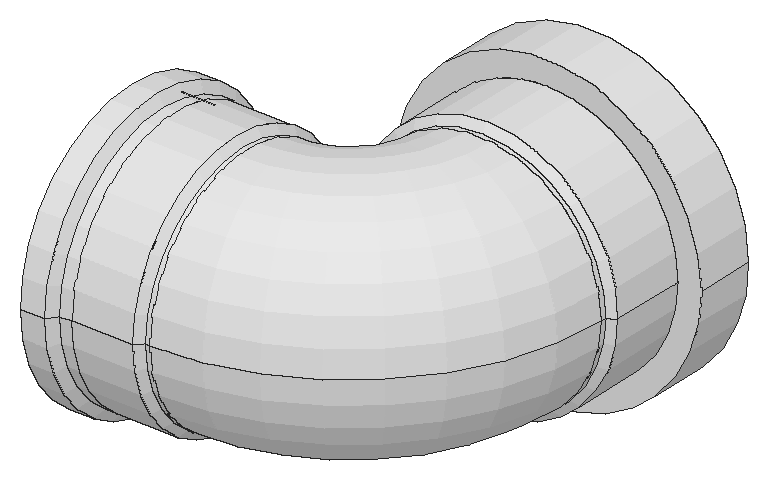
Revit family "Joelho_90_Anel", category Pipe Fittings, Revit 2025
Family settings
  Round Connector Dimension = Use Radius
  Part Type = Elbow
  Work Plane-Based = No
  Always vertical = Yes
  Cut with Voids When Loaded = No
  Shared = No
Parameters (values of type "Standard")
  Ângulo [instance] = 90.00°
  URL = "http://www.tigre.com.br"
  Type Comments = ""
  Tigre: Sistema = "Esgoto"  # constant formula
  Tigre: Norma = ""
  Tigre: Material = "PVC Branco"  # constant formula
  Tigre: Marcador [instance] = "00"
  Tigre: Link do Produto = "http://www.tigre.com.br/pt/produtos_unico.php?rcr_id=4&cpr_id=10&cpr_id_pai=4&lnh_id=9&prd_id=706"
  Tigre: Linha = "Série Normal"  # constant formula
  Tigre: Fabricante = "© Tigre S/A"  # constant formula
  Tigre: Descrição [instance] = if(and(Diâmetro Nominal = 40.00 mm, Ângulo > 85.00°, Ângulo < 95.00°), "Joelho 90º com Anel 40mm, Esgoto Série Normal - TIGRE", "Produto Inexistente")  # "Joelho 90º com Anel 40mm, Esgoto Série Normal - TIGRE"
  Tigre: Código com Separador [instance] = if(and(Diâmetro Nominal = 40.00 mm, Ângulo > 85.00°, Ângulo < 95.00°), "27.56.042.3", "Produto ou Código Inexistente")  # "27.56.042.3"
  Tigre: Código [instance] = if(and(Diâmetro Nominal = 40.00 mm, Ângulo > 85.00°, Ângulo < 95.00°), 27560423, 0)  # 27560423
  Tigre: Comentários [instance] = ""
  Representação Unifilar [instance] = Diâmetro Nominal * 0.2  # 8 mm
  Raio da Bolsa 2 [instance] = if(not(Inverter Sentido), Diâmetro Nominal * 0.63, size_lookup(Lookup Table Name, "RaioE", 0.5325 * Diâmetro Nominal, Diâmetro Nominal))  # 25.2 mm
  Raio da Bolsa 1 [instance] = Diâmetro da Bolsa 1 / 2  # 23 mm
  Raio Nominal [instance] = 20 mm
  Raio Externo 4 [instance] = Diâmetro Externo 4 / 2  # 21.3 mm
  Raio Externo 3 [instance] = Diâmetro Externo 3 / 2  # 21.3 mm
  Raio Externo 2A [instance] = if(Inverter Sentido, Diâmetro Nominal * 0.63, size_lookup(Lookup Table Name, "RaioE", 0.5325 * Diâmetro Nominal, Diâmetro Nominal))  # 21.3 mm
  Raio Externo 2 [instance] = Diâmetro Externo 2 / 2  # 21.3 mm
  Raio Externo 1 [instance] = Diâmetro Externo 1 / 2  # 20 mm
  Raio Central [instance] = size_lookup(Lookup Table Name, "RCen", 0.525 * Diâmetro Nominal, Diâmetro Nominal)  # 21 mm
  Model = ""
  Manufacturer = Tigre: Fabricante  # "© Tigre S/A"
  Loss Method = Not Defined
  Lookup Table Name = "Joelho 90 com Anel - Serie Normal - Esgoto - MEP - Tigre"
  K Coefficient Table = "Regular 45, 90 and 180 Elbow"
  Inverter Sentido [instance] = no
  Diâmetro da Bolsa 1 [instance] = if(not(Inverter Sentido), 2 * size_lookup(Lookup Table Name, "RaioB", 0.575 * Diâmetro Nominal, Diâmetro Nominal), size_lookup(Lookup Table Name, "DE4", 1.065 * Diâmetro Nominal, Diâmetro Nominal))  # 46 mm
  Description = "Joelho 90º com Anel, Esgoto Série Normal - TIGRE"
  Default Elevation = 0.00 mm
  Cota L2 [instance] = if(not(Inverter Sentido), size_lookup(Lookup Table Name, "L2", 0.3025 * Diâmetro Nominal, Diâmetro Nominal), size_lookup(Lookup Table Name, "L1", 0.25 * Diâmetro Nominal, Diâmetro Nominal))  # 12.1 mm
  Cota L1 [instance] = if(not(Inverter Sentido), size_lookup(Lookup Table Name, "L1", 0.25 * Diâmetro Nominal, Diâmetro Nominal), size_lookup(Lookup Table Name, "L2", 0.3025 * Diâmetro Nominal, Diâmetro Nominal))  # 10 mm
  Cota D4 [instance] = if(not(Inverter Sentido), size_lookup(Lookup Table Name, "CotD4", 0.0625 * Diâmetro Nominal, Diâmetro Nominal), size_lookup(Lookup Table Name, "CotD2", 0.24 * Diâmetro Nominal, Diâmetro Nominal))  # 2 mm
  Cota D3 [instance] = if(not(Inverter Sentido), size_lookup(Lookup Table Name, "CotD3", 0.0625 * Diâmetro Nominal, Diâmetro Nominal), size_lookup(Lookup Table Name, "CotC1", 0.1 * Diâmetro Nominal, Diâmetro Nominal))  # 2.5 mm
  Acabamento [instance] = none
  Diâmetro Nominal [instance] = Raio Nominal * 2  # 40 mm
  Diâmetro Externo 4 [instance] = if(not(Inverter Sentido), size_lookup(Lookup Table Name, "DE4", 1.065 * Diâmetro Nominal, Diâmetro Nominal), (size_lookup(Lookup Table Name, "RaioB", 0.575 * Diâmetro Nominal, Diâmetro Nominal) * 2))  # 42.6 mm
  Diâmetro Externo 3 [instance] = size_lookup(Lookup Table Name, "DE3", 1.065 * Diâmetro Nominal, Diâmetro Nominal)  # 42.6 mm
  Diâmetro Externo 2 [instance] = size_lookup(Lookup Table Name, "DE2", 1.065 * Diâmetro Nominal, Diâmetro Nominal)  # 42.6 mm
  Diâmetro Externo 1 [instance] = size_lookup(Lookup Table Name, "DE1", 1 * Diâmetro Nominal, Diâmetro Nominal)  # 40 mm
  Cota D2 [instance] = if(not(Inverter Sentido), size_lookup(Lookup Table Name, "CotD2", 0.24 * Diâmetro Nominal, Diâmetro Nominal), size_lookup(Lookup Table Name, "CotD4", 0.0625 * Diâmetro Nominal, Diâmetro Nominal))  # 9.6 mm
  Cota D1 [instance] = size_lookup(Lookup Table Name, "CotD1", 0.025 * Diâmetro Nominal, Diâmetro Nominal)  # 1 mm
  Cota C3 [instance] = size_lookup(Lookup Table Name, "CotC3", 0.03 mm, Diâmetro Nominal)  # 1 mm
  Cota C2 [instance] = size_lookup(Lookup Table Name, "CotC2", 0.025 * Diâmetro Nominal, Diâmetro Nominal)  # 1 mm
  Cota C1 [instance] = if(not(Inverter Sentido), size_lookup(Lookup Table Name, "CotC1", 0.1 * Diâmetro Nominal, Diâmetro Nominal), size_lookup(Lookup Table Name, "CotD3", 0.0625 * Diâmetro Nominal, Diâmetro Nominal))  # 4 mm
  Cota C [instance] = size_lookup(Lookup Table Name, "CotC", 0.675 * Diâmetro Nominal, Diâmetro Nominal)  # 27 mm
  Cota B3 [instance] = size_lookup(Lookup Table Name, "CotB3", 0.025 * Diâmetro Nominal, Diâmetro Nominal)  # 1 mm
  Cota B2 [instance] = size_lookup(Lookup Table Name, "CotB2", 0.02 * Diâmetro Nominal, Diâmetro Nominal)  # 0.8 mm
  Cota B1 [instance] = size_lookup(Lookup Table Name, "CotB1", 0.425 * Diâmetro Nominal, Diâmetro Nominal)  # 17 mm
  Cota B [instance] = Cota B1 + Cota B2 + Cota B3  # 18.8 mm
  Centro a Face Externa [instance] = Raio Central * tan(Ângulo / 2)  # 21 mm
Reference planes
  plane 1 "Center (Front/Back)": y = 0
  plane 2: z = 0
  plane 3 "Center (Left/Right)": x = 0
  plane 4: y = 21
  plane 5: x = -21
Forms (mm)
  SweptBlend 1, solid, material "PVC", detail levels fine
    path in 3D
      loop
        arc (-21, 0, 0) -> (-6.151, 6.151, 0) -> (0, 21, 0) r 21
    profile origin (-21, 0, 0) x (0, 1, 0) y (0, 0, 1)
      loop
        circle (0, 0) r 20
    end profile origin (0, 21, 0) x (-1, 0, 0) y (0, 0, 1)
      loop
        circle (0, 0) r 20
  Sweep 2, solid, material "PVC", detail levels fine
    path in 3D
      loop
        line (-21, 0, 0) -> (-21.8, 0, 0)
    profile origin (-21.4, 0, 0) x (0, -1, 0) y (0, 0, 1)
      loop
        circle (0, 0) r 20
  SweptBlend 3, solid, material "PVC", detail levels fine
    path in 3D
      loop
        line (-21.8, 0, 0) -> (-22.8, 0, 0)
    profile origin (-21.8, 0, 0) x (0, -1, 0) y (0, 0, 1)
      loop
        circle (0, 0) r 20
    end profile origin (-22.8, 0, 0) x (0, -1, 0) y (0, 0, 1)
      loop
        circle (0, 0) r 21.3
  Sweep 4, solid, material "PVC", detail levels fine
    path in 3D
      loop
        line (-22.8, 0, 0) -> (-32.8, 0, 0)
    profile origin (-27.8, 0, 0) x (0, -1, 0) y (0, 0, 1)
      loop
        circle (0, 0) r 21.3
  Sweep 5, solid, material "PVC", detail levels fine
    path in 3D
      loop
        line (-32.8, 0, 0) -> (-34.8, 0, 0)
    profile origin (-33.8, 0, 0) x (0, -1, 0) y (0, 0, 1)
      loop
        circle (0, 0) r 21.3
  SweptBlend 6, solid, material "PVC", detail levels fine
    path in 3D
      loop
        line (-34.8, 0, 0) -> (-35.8, 0, 0)
    profile origin (-34.8, 0, 0) x (0, -1, 0) y (0, 0, 1)
      loop
        circle (0, 0) r 21.3
    end profile origin (-35.8, 0, 0) x (0, -1, 0) y (0, 0, 1)
      loop
        circle (0, 0) r 23
  Sweep 7, solid, material "PVC", detail levels fine
    path in 3D
      loop
        line (-35.8, 0, 0) -> (-39.8, 0, 0)
    profile origin (-37.8, 0, 0) x (0, -1, 0) y (0, 0, 1)
      loop
        circle (0, 0) r 23
  Sweep 8, solid, material "PVC", detail levels fine
    path in 3D
      loop
        line (0, 21, 0) -> (0, 21.8, 0)
    profile origin (0, 21.4, 0) x (-1, 0, 0) y (0, 0, 1)
      loop
        circle (0, 0) r 20
  SweptBlend 9, solid, material "PVC", detail levels fine
    path in 3D
      loop
        line (0, 21.8, 0) -> (0, 22.8, 0)
    profile origin (0, 21.8, 0) x (-1, 0, 0) y (0, 0, 1)
      loop
        circle (0, 0) r 20
    end profile origin (0, 22.8, 0) x (-1, 0, 0) y (0, 0, 1)
      loop
        circle (0, 0) r 21.3
  Sweep 10, solid, material "PVC", detail levels fine
    path in 3D
      loop
        line (0, 22.8, 0) -> (0, 34.9, 0)
    profile origin (0, 28.85, 0) x (-1, 0, 0) y (0, 0, 1)
      loop
        circle (0, 0) r 21.3
  Sweep 11, solid, material "PVC", detail levels fine
    path in 3D
      loop
        line (0, 34.9, 0) -> (0, 44.5, 0)
    profile origin (0, 39.7, 0) x (-1, 0, 0) y (0, 0, 1)
      loop
        circle (0, 0) r 25.2
  SweptBlend 12, solid, material "PVC", detail levels fine
    path in 3D
      loop
        line (0, 44.5, 0) -> (0, 45.5, 0)
    profile origin (0, 44.5, 0) x (-1, 0, 0) y (0, 0, 1)
      loop
        circle (0, 0) r 25.2
    end profile origin (0, 45.5, 0) x (-1, 0, 0) y (0, 0, 1)
      loop
        circle (0, 0) r 21.3
  Sweep 13, solid, material "PVC", detail levels fine
    path in 3D
      loop
        line (0, 45.5, 0) -> (0, 48, 0)
    profile origin (0, 46.75, 0) x (-1, 0, 0) y (0, 0, 1)
      loop
        circle (0, 0) r 21.3
  Sweep 14, void
    path origin (0, 0, 0) x (1, 0, 0) y (0, 1, 0)
      loop
        line (-39.8, 0) -> (-22.8, 0)
    profile origin (-31.3, 0, 0) x (0, 1, 0) y (0, 0, 1)
      loop
        circle (0, 0) r 20
  Sweep 15, void
    path origin (0, 0, 0) x (1, 0, 0) y (0, 1, 0)
      loop
        line (0, 22.8) -> (0, 48)
    profile origin (0, 35.4, 0) x (-1, 0, 0) y (0, 0, 1)
      loop
        circle (0, 0) r 20
Cuts and joins
  Sweep 14, Sweep 15 cuts SweptBlend 1
  Sweep 14, Sweep 15 cuts Sweep 2
  Sweep 14, Sweep 15 cuts SweptBlend 3
  Sweep 14, Sweep 15 cuts Sweep 4
  Sweep 14, Sweep 15 cuts Sweep 5
  Sweep 14, Sweep 15 cuts SweptBlend 6
  Sweep 14, Sweep 15 cuts Sweep 7
  Sweep 14, Sweep 15 cuts Sweep 8
  Sweep 14, Sweep 15 cuts SweptBlend 9
  Sweep 14, Sweep 15 cuts Sweep 10
  Sweep 14, Sweep 15 cuts Sweep 11
  Sweep 14, Sweep 15 cuts SweptBlend 12
  Sweep 14, Sweep 15 cuts Sweep 13
  joined: SweptBlend 1, Sweep 2, SweptBlend 3, Sweep 4, Sweep 5, SweptBlend 6, Sweep 7, Sweep 8, SweptBlend 9, Sweep 10, Sweep 11, SweptBlend 12, Sweep 13
Lines and regions (mm)
  model lines, not visible, detail levels coarse+medium
    curve 1: line (-39.8, 16, 0) -> (-39.8, -16, 0)
    curve 3: arc (-21, 0, 0) -> (-6.151, 6.151, 0) -> (0, 21, 0) r 21
    curve 6: line (-22.8, 0, 0) -> (-32.8, 0, 0)
    curve 7: line (-34.8, 0, 0) -> (-35.8, 0, 0)
    curve 8: line (-35.8, 0, 0) -> (-39.8, 0, 0)
    curve 9: line (-32.8, 0, 0) -> (-34.8, 0, 0)
    curve 19: line (0, 22.8, 0) -> (0, 34.9, 0)
    curve 20: line (0, 34.9, 0) -> (0, 44.5, 0)
    curve 21: line (0, 44.5, 0) -> (0, 45.5, 0)
    curve 22: line (0, 45.5, 0) -> (0, 48, 0)
    curve 34: line (-39.8, -8, 0) -> (-39.8, 8, 0)
    curve 35: line (0, 48, 0) -> (-8, 48, 0)
    curve 36: line (0, 48, 0) -> (8, 48, 0)
  reference lines
    curve 2: line (-21, 21, 0) -> (119, 21, 0)
  model lines, detail levels coarse+medium
    curve 4: line (-21, 0, 0) -> (-21.8, 0, 0)
    curve 5: line (-21.8, 0, 0) -> (-22.8, 0, 0)
    curve 17: line (0, 21, 0) -> (0, 21.8, 0)
    curve 18: line (0, 21.8, 0) -> (0, 22.8, 0)
    curve 29: line (-22.8, 8, 0) -> (-22.8, -8, 0)
    curve 30: line (0, 0, 0) -> (-21, 0, 0)
    curve 31: line (0, 0, 0) -> (0, 21, 0)
    curve 32: line (0, 22.8, 0) -> (-8, 22.8, 0)
    curve 33: line (0, 22.8, 0) -> (8, 22.8, 0)
  sketch lines
    curve 10: arc (-21, 0, 0) -> (-6.151, 6.151, 0) -> (0, 21, 0) r 21
    curve 11: line (-21, 0, 0) -> (-21.8, 0, 0)
    curve 12: line (-21.8, 0, 0) -> (-22.8, 0, 0)
    curve 13: line (-22.8, 0, 0) -> (-32.8, 0, 0)
    curve 14: line (-32.8, 0, 0) -> (-34.8, 0, 0)
    curve 15: line (-34.8, 0, 0) -> (-35.8, 0, 0)
    curve 16: line (-35.8, 0, 0) -> (-39.8, 0, 0)
    curve 23: line (0, 21, 0) -> (0, 21.8, 0)
    curve 24: line (0, 21.8, 0) -> (0, 22.8, 0)
    curve 25: line (0, 22.8, 0) -> (0, 34.9, 0)
    curve 26: line (0, 34.9, 0) -> (0, 44.5, 0)
    curve 27: line (0, 44.5, 0) -> (0, 45.5, 0)
    curve 28: line (0, 45.5, 0) -> (0, 48, 0)
Dimensions and locks
  "Centro a Face Externa": plane 5 to plane 3 "Center (Left/Right)"
  "Raio Central": plane 4 to plane 1 "Center (Front/Back)"
  "Cota B2": curve 5 to plane 5
  "Cota B3": curve 6 to curve 5
  "Cota L1": curve 9 to curve 6
  "Cota D4": curve 9 to curve 9
  "Cota B3": curve 8 to curve 9
  "Cota C1": curve 8 to curve 8
  "Cota B2": curve 2 to curve 17
  "Cota B3": curve 18 to curve 18
  "Cota L2": curve 19 to curve 19
  "Cota D2": curve 20 to curve 20
  "Cota B3": curve 21 to curve 21
  "Cota D3": curve 22 to curve 22
  equal spacing: curve 29, plane 1 "Center (Front/Back)", curve 29
  "Representação Unifilar": plane 1 "Center (Front/Back)" to curve 29
  equal spacing: curve 33, curve 19, curve 32
  "Representação Unifilar": curve 33 to curve 20
  equal spacing: curve 36, curve 19, curve 35
  "Representação Unifilar": curve 36 to curve 19
  "Raio Central": radius of curve 3
  "Raio Externo 1": radius of SweptBlend 1 sketch curve  (x2)
  "Raio Externo 1": radius of Sweep 2 sketch curve
  "Raio Externo 1": radius of SweptBlend 3 sketch curve
  "Raio Externo 2": radius of SweptBlend 3 sketch curve
  "Raio Externo 2": radius of Sweep 4 sketch curve
  "Raio Externo 2A": radius of Sweep 5 sketch curve
  "Raio Externo 2A": radius of SweptBlend 6 sketch curve
  "Raio da Bolsa 1": radius of SweptBlend 6 sketch curve
  "Raio da Bolsa 1": radius of Sweep 7 sketch curve
  "Raio Externo 1": radius of Sweep 8 sketch curve
  "Raio Externo 1": radius of SweptBlend 9 sketch curve
  "Raio Externo 2": radius of SweptBlend 9 sketch curve
  "Raio Externo 2": radius of Sweep 10 sketch curve
  "Raio da Bolsa 2": radius of Sweep 11 sketch curve
  "Raio da Bolsa 2": radius of SweptBlend 12 sketch curve
  "Raio Externo 4": radius of SweptBlend 12 sketch curve
  "Raio Externo 4": radius of Sweep 13 sketch curve
  "Raio Nominal": radius of Sweep 14 sketch curve
  "Raio Nominal": radius of Sweep 15 sketch curve
  "Ângulo": angle plane 5 to curve 2
  locked: curve 2 to curve 17 (angle 90.00°)
  locked: curve 2 to curve 18 (angle 90.00°)
  locked: curve 2 to curve 19 (angle 90.00°)
  locked: curve 2 to curve 20 (angle 90.00°)
  locked: curve 2 to curve 21 (angle 90.00°)
  locked: curve 2 to curve 22 (angle 90.00°)
  locked: curve 2 to curve 31 (angle 90.00°)
  locked: curve 32 to curve 19 (angle 90.00°)
  locked: curve 33 to curve 19 (angle 90.00°)
  locked: curve 36 to curve 19 (angle 90.00°)
  locked: curve 35 to curve 19 (angle 90.00°)
  locked: curve 2 to Sweep 15 sketch curve (angle 90.00°)
  aligned and locked: plane 4 to curve 2
  aligned and locked: plane 5 to curve 2
  aligned and locked: plane 5 to curve 3
  aligned and locked: curve 2 to curve 3
  aligned and locked: plane 1 "Center (Front/Back)" to curve 3
  aligned and locked: plane 3 "Center (Left/Right)" to curve 31
  aligned and locked: plane 1 "Center (Front/Back)" to curve 31
  aligned and locked: curve 29 to curve 6
  aligned and locked: curve 34 to curve 29  (x2)
  aligned and locked: curve 34 to Sweep 14 sketch curve
  aligned and locked: curve 31 to Sweep 15 sketch curve
  aligned and locked: Sweep 15 sketch curve to curve 35
  aligned and locked: Sweep 15 sketch curve to curve 32
  aligned and locked: curve 29 to Sweep 14 sketch curve
Automatic sketch dimensions
  SweptBlend 1 sketch curve to profile plane = 0.00 mm  (x4)
  Sweep 2 sketch curve to profile plane = 0.00 mm  (x2)
  SweptBlend 3 sketch curve to profile plane = 0.00 mm  (x4)
  Sweep 4 sketch curve to profile plane = 0.00 mm  (x2)
  Sweep 5 sketch curve to profile plane = 0.00 mm  (x2)
  SweptBlend 6 sketch curve to profile plane = 0.00 mm  (x4)
  Sweep 7 sketch curve to profile plane = 0.00 mm  (x2)
  Sweep 8 sketch curve to profile plane = 0.00 mm
  profile plane to Sweep 8 sketch curve = 0.00 mm
  SweptBlend 9 sketch curve to profile plane = 0.00 mm  (x2)
  profile plane to SweptBlend 9 sketch curve = 0.00 mm  (x2)
  Sweep 10 sketch curve to profile plane = 0.00 mm
  profile plane to Sweep 10 sketch curve = 0.00 mm
  Sweep 11 sketch curve to profile plane = 0.00 mm
  profile plane to Sweep 11 sketch curve = 0.00 mm
  SweptBlend 12 sketch curve to profile plane = 0.00 mm  (x2)
  profile plane to SweptBlend 12 sketch curve = 0.00 mm  (x2)
  Sweep 13 sketch curve to profile plane = 0.00 mm
  profile plane to Sweep 13 sketch curve = 0.00 mm
  plane 1 "Center (Front/Back)" to Sweep 14 sketch curve = 0.00 mm
  Sweep 14 sketch curve to level = 0.00 mm
  Sweep 14 sketch curve to profile plane = 0.00 mm
  curve 34 to curve 8 = 0.00 mm
  curve 1 to curve 34 = 8.00 mm
  curve 1 to plane 4 = 5.00 mm
  level to Sweep 15 sketch curve = 0.00 mm
  Sweep 15 sketch curve to profile plane = 0.00 mm
Connectors
  piping at (-22.8, 0, 0), diameter 40, driven by "Raio Nominal", driven by "Ângulo"
    settings: on cut or joined group of SweptBlend 1, Sweep 2, SweptBlend 3, Sweep 4, Sweep 5, SweptBlend 6, Sweep 7, Sweep 8, SweptBlend 9, Sweep 10, Sweep 11, SweptBlend 12, Sweep 13, Sweep 14, Sweep 15, index 1, connector inside diameter 40 mm, connector length 0.00 mm, flow factor 0, pipe flow 0.0 L/s, pressure drop 0.0 Pa, fitting loss kfactor 0, connector angle 90.00°, fixture units 0, engagement length 0.00 mm, angle of deflection 0.00°, flow configuration 0, flow direction 0, fitting loss method 0, system type 28, joint type 0, gender type 0, connector reference index 2, connector utility 0, adjustable connector no, is connector primary yes, connector description ""
  piping at (0, 22.8, 0), diameter 40, driven by "Raio Nominal", driven by "Ângulo"
    settings: on cut or joined group of SweptBlend 1, Sweep 2, SweptBlend 3, Sweep 4, Sweep 5, SweptBlend 6, Sweep 7, Sweep 8, SweptBlend 9, Sweep 10, Sweep 11, SweptBlend 12, Sweep 13, Sweep 14, Sweep 15, index 2, connector inside diameter 40 mm, connector length 0.00 mm, flow factor 0, pipe flow 0.0 L/s, pressure drop 0.0 Pa, fitting loss kfactor 0, connector angle 90.00°, fixture units 0, engagement length 0.00 mm, angle of deflection 0.00°, flow configuration 0, flow direction 0, fitting loss method 0, system type 28, joint type 0, gender type 0, connector reference index 1, connector utility 0, adjustable connector no, is connector primary no, connector description ""
